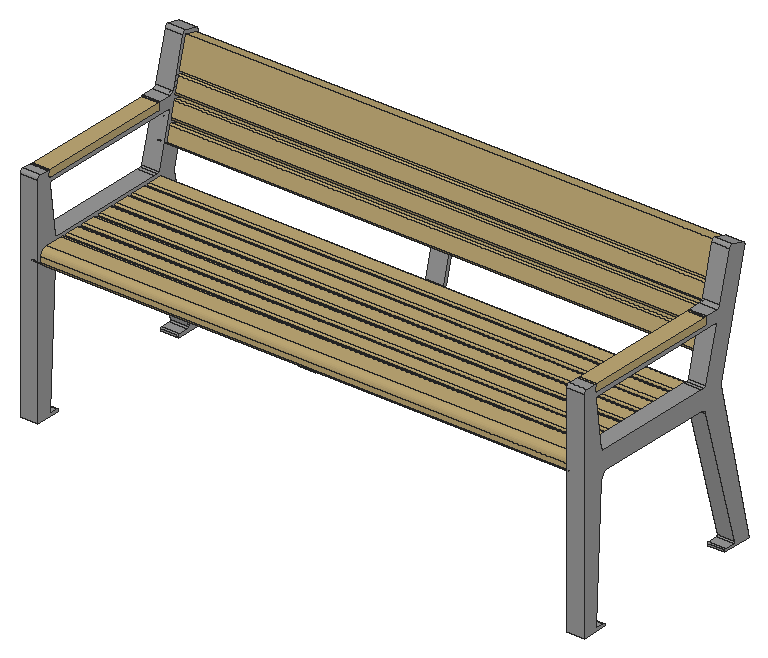
Revit family "L-FUR_벤치_DWB-210_데오스웍스", category 일반 모델, Revit 2021
Family settings
  보강 철근 호스트 가능 = 아니오
  원형 커넥터 치수 = 지름 사용
  부품 유형 = 보통
  작업 기준면 기반 = 아니오
  항상 수직 = 예
  로드될 때 보이드를 사용하여 절단 = 아니오
  공유 = 아니오
  룸 계산 점 = 아니오
Parameters
  한국산업규격KS = ""
  조달청표준공사코드-세부공종 = "24084152"
  기본 입면도 = 0 mm
  건설정보분류체계-부위분류 = "E943"
  LIM_INFO_주의사항 = "재배포, 재가공, 판매 금지"
  LIM_INFO_제품업체 = "예건"
  LIM_INFO_제품번호 = "YF-16"
  LIM_INFO_제품명 = "펜스_YF-16"
  LIM_INFO_제작일 = "20230315"
  LIM_INFO_재료 = "Hardwood, STL-pipe, STL-plate"
  LIM_INFO_업체정보 = ""
  LIM_INFO_업체URL = "https://yekun.com/"
  LIM_INFO_업체TEL = "(+82)31-943-6114"
  LIM_INFO_업체EMAIL = "yekun@yekun.com"
  LIM_INFO_버전 = "2023_V01"
  LIM_INFO_기타정보 = ""
  LIM_INFO_규격 = "W2000 x H1800"
  LIM_INFO_가격 = 0
  LIM_INFO_PV_포장재여부 = yes
  LIM_INFO_PV_면적 = 0.00 m²
  KBIMS_식별-버전 = ""
  KBIMS_식별-bSK등록번호 = ""
  KBIMS_보급정보-저작자 = "림인포테크_MMJ"
  KBIMS_보급정보-보급코드 = ""
Reference planes
  plane 1 "중심(앞/뒤)": y = 0
  plane 2: z = 0
  plane 3 "중심(왼쪽/오른쪽)": x = 0
Dimensions and locks
  aligned and locked: level to plane 2
Nested families
  nested 1: "DWB-210_base" at (0, 0, 0), type "DWB-210_base"
Definition of nested family "DWB-210_base"
  Parameters (values of type "DWB-210_base")
    Default Elevation = 0 mm
  Reference planes
    plane 1 "중심(앞/뒤)": y = 0
    plane 2: z = 0
    plane 3 "중심(왼쪽/오른쪽)": x = 0
  Forms (mm)
    Sweep 1, solid, not visible, detail levels fine
      path origin (0, 0, 0) x (1, 0, 0) y (0, 1, 0)
        loop
          circle (-1867.879, -167.062) r 568.25
      profile origin (-1867.879, 401.188, 0) x (0, -1, 0) y (0, 0, 1)
        loop
          circle (0, 0) r 28.75
        loop
          circle (0, 0) r 30.25
    Sweep 2, solid, not visible, detail levels coarse+medium
      path origin (0, 0, 0) x (1, 0, 0) y (0, 1, 0)
        loop
          circle (-1867.879, -167.062) r 568.25
      profile origin (-1867.879, 401.188, 0) x (0, -1, 0) y (0, 0, 1)
        loop
          line (26.465, -11.234) -> (26.657, 10.77) -> (11.234, 26.465) -> (-10.77, 26.657) -> (-26.465, 11.234) -> (-26.657, -10.77) -> (-11.234, -26.465) -> (10.77, -26.657) -> (26.465, -11.234)
        loop
          line (28.047, 11.332) -> (11.82, 27.845) -> (-11.332, 28.047) -> (-27.845, 11.82) -> (-28.047, -11.332) -> (-11.82, -27.845) -> (11.332, -28.047) -> (27.845, -11.82) -> (28.047, 11.332)
    Sweep 3, solid, not visible, detail levels fine
      path origin (0, 0, -1310.25) x (1, 0, 0) y (0, 1, 0)
        loop
          circle (-1867.879, -167.062) r 568.25
      profile origin (-1867.879, 401.188, -1310.25) x (0, -1, 0) y (0, 0, 1)
        loop
          circle (0, 1310.25) r 28.75
        loop
          circle (0, 1310.25) r 30.25
    Sweep 4, solid, not visible, detail levels coarse+medium
      path origin (0, 0, -1310.25) x (1, 0, 0) y (0, 1, 0)
        loop
          circle (-1867.879, -167.062) r 568.25
      profile origin (-1867.879, 401.188, -1310.25) x (0, -1, 0) y (0, 0, 1)
        loop
          line (26.465, 1299.016) -> (26.657, 1321.02) -> (11.234, 1336.715) -> (-10.77, 1336.907) -> (-26.465, 1321.484) -> (-26.657, 1299.48) -> (-11.234, 1283.785) -> (10.77, 1283.593) -> (26.465, 1299.016)
        loop
          line (28.047, 1321.582) -> (11.82, 1338.095) -> (-11.332, 1338.297) -> (-27.845, 1322.07) -> (-28.047, 1298.918) -> (-11.82, 1282.405) -> (11.332, 1282.203) -> (27.845, 1298.43) -> (28.047, 1321.582)
    Extrusion 5, solid, not visible
      sketch origin (0, 0, 0) x (1, 0, 0) y (0, 1, 0)
        loop
          line (-1678.243, -2480.024) -> (-1613.986, -2453.408)
          arc (-1613.986, -2453.408) -> (-1612.495, -2452.007) -> (-1612.304, -2449.969) r 2.893
          line (-1612.304, -2449.969) -> (-1622.315, -2413.562) -> (-1700.528, -2445.959) -> (-1681.864, -2478.781)
          arc (-1681.864, -2478.781) -> (-1680.288, -2480.087) -> (-1678.243, -2480.024) r 2.893
        loop
          line (-1517.968, -2394.568) -> (-1465.081, -2349.398)
          arc (-1465.081, -2349.398) -> (-1464.096, -2347.605) -> (-1464.544, -2345.608) r 2.893
          line (-1464.544, -2345.608) -> (-1485.315, -2314.077) -> (-1549.689, -2369.057) -> (-1521.796, -2394.505)
          arc (-1521.796, -2394.505) -> (-1519.893, -2395.26) -> (-1517.968, -2394.568) r 2.893
        loop
          line (-1391.945, -2263.766) -> (-1355.605, -2204.465)
          arc (-1355.605, -2204.465) -> (-1355.222, -2202.454) -> (-1356.265, -2200.694) r 2.893
          line (-1356.265, -2200.694) -> (-1385.763, -2177.125) -> (-1429.997, -2249.307) -> (-1395.605, -2264.89)
          arc (-1395.605, -2264.89) -> (-1393.562, -2265.02) -> (-1391.945, -2263.766) r 2.893
        loop
          line (-1312.509, -2100.424) -> (-1296.273, -2032.795)
          arc (-1296.273, -2032.795) -> (-1296.53, -2030.765) -> (-1298.067, -2029.413) r 2.893
          line (-1298.067, -2029.413) -> (-1333.404, -2016.112) -> (-1353.167, -2098.431) -> (-1315.643, -2102.623)
          arc (-1315.643, -2102.623) -> (-1313.66, -2102.116) -> (-1312.509, -2100.424) r 2.893
        loop
          line (-1287.437, -1920.529) -> (-1292.894, -1851.193)
          arc (-1292.894, -1851.193) -> (-1293.766, -1849.341) -> (-1295.645, -1848.53) r 2.893
          line (-1295.645, -1848.53) -> (-1333.364, -1846.801) -> (-1326.722, -1931.197) -> (-1289.738, -1923.589)
          arc (-1289.738, -1923.589) -> (-1288.009, -1922.494) -> (-1287.437, -1920.529) r 2.893
        loop
          line (-1319.183, -1741.691) -> (-1345.799, -1677.435)
          arc (-1345.799, -1677.435) -> (-1347.201, -1675.943) -> (-1349.238, -1675.753) r 2.893
          line (-1349.238, -1675.753) -> (-1385.645, -1685.763) -> (-1353.248, -1763.977) -> (-1320.426, -1745.312)
          arc (-1320.426, -1745.312) -> (-1319.12, -1743.736) -> (-1319.183, -1741.691) r 2.893
        loop
          line (-1404.64, -1581.416) -> (-1449.809, -1528.529)
          arc (-1449.809, -1528.529) -> (-1451.603, -1527.544) -> (-1453.6, -1527.992) r 2.893
          line (-1453.6, -1527.992) -> (-1485.131, -1548.764) -> (-1430.15, -1613.138) -> (-1404.702, -1585.244)
          arc (-1404.702, -1585.244) -> (-1403.947, -1583.342) -> (-1404.64, -1581.416) r 2.893
        loop
          line (-1535.441, -1455.393) -> (-1594.742, -1419.053)
          arc (-1594.742, -1419.053) -> (-1596.753, -1418.67) -> (-1598.513, -1419.714) r 2.893
          line (-1598.513, -1419.714) -> (-1622.083, -1449.212) -> (-1549.9, -1493.445) -> (-1534.317, -1459.053)
          arc (-1534.317, -1459.053) -> (-1534.187, -1457.01) -> (-1535.441, -1455.393) r 2.893
        loop
          line (-1698.784, -1375.958) -> (-1766.412, -1359.721)
          arc (-1766.412, -1359.721) -> (-1768.443, -1359.978) -> (-1769.795, -1361.515) r 2.893
          line (-1769.795, -1361.515) -> (-1783.095, -1396.853) -> (-1700.777, -1416.616) -> (-1696.584, -1379.091)
          arc (-1696.584, -1379.091) -> (-1697.091, -1377.108) -> (-1698.784, -1375.958) r 2.893
        loop
          line (-1878.679, -1350.886) -> (-1948.015, -1356.343)
          arc (-1948.015, -1356.343) -> (-1949.866, -1357.215) -> (-1950.677, -1359.094) r 2.893
          line (-1950.677, -1359.094) -> (-1952.406, -1396.812) -> (-1868.01, -1390.17) -> (-1875.618, -1353.187)
          arc (-1875.618, -1353.187) -> (-1876.713, -1351.457) -> (-1878.679, -1350.886) r 2.893
        loop
          line (-2057.516, -1382.632) -> (-2121.773, -1409.247)
          arc (-2121.773, -1409.247) -> (-2123.264, -1410.649) -> (-2123.455, -1412.687) r 2.893
          line (-2123.455, -1412.687) -> (-2113.444, -1449.093) -> (-2035.231, -1416.696) -> (-2053.895, -1383.874)
          arc (-2053.895, -1383.874) -> (-2055.471, -1382.568) -> (-2057.516, -1382.632) r 2.893
        loop
          line (-2217.791, -1468.088) -> (-2270.678, -1513.257)
          arc (-2270.678, -1513.257) -> (-2271.663, -1515.051) -> (-2271.215, -1517.048) r 2.893
          line (-2271.215, -1517.048) -> (-2250.444, -1548.579) -> (-2186.07, -1493.598) -> (-2213.963, -1468.15)
          arc (-2213.963, -1468.15) -> (-2215.865, -1467.395) -> (-2217.791, -1468.088) r 2.893
        loop
          line (-2343.814, -1598.889) -> (-2380.154, -1658.191)
          arc (-2380.154, -1658.191) -> (-2380.537, -1660.201) -> (-2379.494, -1661.962) r 2.893
          line (-2379.494, -1661.962) -> (-2349.996, -1685.531) -> (-2305.762, -1613.349) -> (-2340.154, -1597.766)
          arc (-2340.154, -1597.766) -> (-2342.197, -1597.635) -> (-2343.814, -1598.889) r 2.893
        loop
          line (-2437.692, -1833.243) -> (-2402.355, -1846.543) -> (-2382.592, -1764.225) -> (-2420.116, -1760.032)
          arc (-2420.116, -1760.032) -> (-2422.099, -1760.539) -> (-2423.25, -1762.232) r 2.893
          line (-2423.25, -1762.232) -> (-2439.486, -1829.861)
          arc (-2439.486, -1829.861) -> (-2439.229, -1831.891) -> (-2437.692, -1833.243) r 2.893
        loop
          line (-2440.113, -2014.125) -> (-2402.395, -2015.855) -> (-2409.037, -1931.458) -> (-2446.021, -1939.067)
          arc (-2446.021, -1939.067) -> (-2447.75, -1940.162) -> (-2448.322, -1942.127) r 2.893
          line (-2448.322, -1942.127) -> (-2442.865, -2011.463)
          arc (-2442.865, -2011.463) -> (-2441.993, -2013.314) -> (-2440.113, -2014.125) r 2.893
        loop
          line (-2386.521, -2186.903) -> (-2350.114, -2176.892) -> (-2382.511, -2098.679) -> (-2415.333, -2117.343)
          arc (-2415.333, -2117.343) -> (-2416.639, -2118.919) -> (-2416.576, -2120.965) r 2.893
          line (-2416.576, -2120.965) -> (-2389.96, -2185.221)
          arc (-2389.96, -2185.221) -> (-2388.558, -2186.712) -> (-2386.521, -2186.903) r 2.893
        loop
          line (-2282.159, -2334.663) -> (-2250.628, -2313.892) -> (-2305.609, -2249.518) -> (-2331.057, -2277.412)
          arc (-2331.057, -2277.412) -> (-2331.812, -2279.314) -> (-2331.119, -2281.24) r 2.893
          line (-2331.119, -2281.24) -> (-2285.95, -2334.126)
          arc (-2285.95, -2334.126) -> (-2284.156, -2335.112) -> (-2282.159, -2334.663) r 2.893
        loop
          line (-2137.246, -2442.942) -> (-2113.676, -2413.444) -> (-2185.859, -2369.21) -> (-2201.441, -2403.603)
          arc (-2201.441, -2403.603) -> (-2201.572, -2405.645) -> (-2200.318, -2407.263) r 2.893
          line (-2200.318, -2407.263) -> (-2141.017, -2443.603)
          arc (-2141.017, -2443.603) -> (-2139.006, -2443.986) -> (-2137.246, -2442.942) r 2.893
        loop
          line (-1965.964, -2501.141) -> (-1952.664, -2465.803) -> (-2034.982, -2446.04) -> (-2039.175, -2483.564)
          arc (-2039.175, -2483.564) -> (-2038.668, -2485.547) -> (-2036.975, -2486.698) r 2.893
          line (-2036.975, -2486.698) -> (-1969.347, -2502.934)
          arc (-1969.347, -2502.934) -> (-1967.316, -2502.677) -> (-1965.964, -2501.141) r 2.893
        loop
          line (-1785.082, -2503.562) -> (-1783.353, -2465.844) -> (-1867.749, -2472.486) -> (-1860.141, -2509.469)
          arc (-1860.141, -2509.469) -> (-1859.046, -2511.198) -> (-1857.08, -2511.77) r 2.893
          line (-1857.08, -2511.77) -> (-1787.744, -2506.313)
          arc (-1787.744, -2506.313) -> (-1785.893, -2505.441) -> (-1785.082, -2503.562) r 2.893
      from 0 to 680
    Extrusion 6, solid, not visible
      sketch origin (-326.184, 269.167, 0) x (0.987613, 0.156911, 0) y (-0.156911, 0.987613, 0)
        loop
          line (-1678.243, -2480.024) -> (-1613.986, -2453.408)
          arc (-1613.986, -2453.408) -> (-1612.495, -2452.007) -> (-1612.304, -2449.969) r 2.893
          line (-1612.304, -2449.969) -> (-1622.315, -2413.562) -> (-1700.528, -2445.959) -> (-1681.864, -2478.781)
          arc (-1681.864, -2478.781) -> (-1680.288, -2480.087) -> (-1678.243, -2480.024) r 2.893
        loop
          line (-1517.968, -2394.568) -> (-1465.081, -2349.398)
          arc (-1465.081, -2349.398) -> (-1464.096, -2347.605) -> (-1464.544, -2345.608) r 2.893
          line (-1464.544, -2345.608) -> (-1485.315, -2314.077) -> (-1549.689, -2369.057) -> (-1521.796, -2394.505)
          arc (-1521.796, -2394.505) -> (-1519.893, -2395.26) -> (-1517.968, -2394.568) r 2.893
        loop
          line (-1391.945, -2263.766) -> (-1355.605, -2204.465)
          arc (-1355.605, -2204.465) -> (-1355.222, -2202.454) -> (-1356.265, -2200.694) r 2.893
          line (-1356.265, -2200.694) -> (-1385.763, -2177.125) -> (-1429.997, -2249.307) -> (-1395.605, -2264.89)
          arc (-1395.605, -2264.89) -> (-1393.562, -2265.02) -> (-1391.945, -2263.766) r 2.893
        loop
          line (-1312.509, -2100.424) -> (-1296.273, -2032.795)
          arc (-1296.273, -2032.795) -> (-1296.53, -2030.765) -> (-1298.067, -2029.413) r 2.893
          line (-1298.067, -2029.413) -> (-1333.404, -2016.112) -> (-1353.167, -2098.431) -> (-1315.643, -2102.623)
          arc (-1315.643, -2102.623) -> (-1313.66, -2102.116) -> (-1312.509, -2100.424) r 2.893
        loop
          line (-1287.437, -1920.529) -> (-1292.894, -1851.193)
          arc (-1292.894, -1851.193) -> (-1293.766, -1849.341) -> (-1295.645, -1848.53) r 2.893
          line (-1295.645, -1848.53) -> (-1333.364, -1846.801) -> (-1326.722, -1931.197) -> (-1289.738, -1923.589)
          arc (-1289.738, -1923.589) -> (-1288.009, -1922.494) -> (-1287.437, -1920.529) r 2.893
        loop
          line (-1319.183, -1741.691) -> (-1345.799, -1677.435)
          arc (-1345.799, -1677.435) -> (-1347.201, -1675.943) -> (-1349.238, -1675.753) r 2.893
          line (-1349.238, -1675.753) -> (-1385.645, -1685.763) -> (-1353.248, -1763.977) -> (-1320.426, -1745.312)
          arc (-1320.426, -1745.312) -> (-1319.12, -1743.736) -> (-1319.183, -1741.691) r 2.893
        loop
          line (-1404.64, -1581.416) -> (-1449.809, -1528.529)
          arc (-1449.809, -1528.529) -> (-1451.603, -1527.544) -> (-1453.6, -1527.992) r 2.893
          line (-1453.6, -1527.992) -> (-1485.131, -1548.764) -> (-1430.15, -1613.138) -> (-1404.702, -1585.244)
          arc (-1404.702, -1585.244) -> (-1403.947, -1583.342) -> (-1404.64, -1581.416) r 2.893
        loop
          line (-1535.441, -1455.393) -> (-1594.742, -1419.053)
          arc (-1594.742, -1419.053) -> (-1596.753, -1418.67) -> (-1598.513, -1419.714) r 2.893
          line (-1598.513, -1419.714) -> (-1622.083, -1449.212) -> (-1549.9, -1493.445) -> (-1534.317, -1459.053)
          arc (-1534.317, -1459.053) -> (-1534.187, -1457.01) -> (-1535.441, -1455.393) r 2.893
        loop
          line (-1698.784, -1375.958) -> (-1766.412, -1359.721)
          arc (-1766.412, -1359.721) -> (-1768.443, -1359.978) -> (-1769.795, -1361.515) r 2.893
          line (-1769.795, -1361.515) -> (-1783.095, -1396.853) -> (-1700.777, -1416.616) -> (-1696.584, -1379.091)
          arc (-1696.584, -1379.091) -> (-1697.091, -1377.108) -> (-1698.784, -1375.958) r 2.893
        loop
          line (-1878.679, -1350.886) -> (-1948.015, -1356.343)
          arc (-1948.015, -1356.343) -> (-1949.866, -1357.215) -> (-1950.677, -1359.094) r 2.893
          line (-1950.677, -1359.094) -> (-1952.406, -1396.812) -> (-1868.01, -1390.17) -> (-1875.618, -1353.187)
          arc (-1875.618, -1353.187) -> (-1876.713, -1351.457) -> (-1878.679, -1350.886) r 2.893
        loop
          line (-2057.516, -1382.632) -> (-2121.773, -1409.247)
          arc (-2121.773, -1409.247) -> (-2123.264, -1410.649) -> (-2123.455, -1412.687) r 2.893
          line (-2123.455, -1412.687) -> (-2113.444, -1449.093) -> (-2035.231, -1416.696) -> (-2053.895, -1383.874)
          arc (-2053.895, -1383.874) -> (-2055.471, -1382.568) -> (-2057.516, -1382.632) r 2.893
        loop
          line (-2217.791, -1468.088) -> (-2270.678, -1513.257)
          arc (-2270.678, -1513.257) -> (-2271.663, -1515.051) -> (-2271.215, -1517.048) r 2.893
          line (-2271.215, -1517.048) -> (-2250.444, -1548.579) -> (-2186.07, -1493.598) -> (-2213.963, -1468.15)
          arc (-2213.963, -1468.15) -> (-2215.865, -1467.395) -> (-2217.791, -1468.088) r 2.893
        loop
          line (-2343.814, -1598.889) -> (-2380.154, -1658.191)
          arc (-2380.154, -1658.191) -> (-2380.537, -1660.201) -> (-2379.494, -1661.962) r 2.893
          line (-2379.494, -1661.962) -> (-2349.996, -1685.531) -> (-2305.762, -1613.349) -> (-2340.154, -1597.766)
          arc (-2340.154, -1597.766) -> (-2342.197, -1597.635) -> (-2343.814, -1598.889) r 2.893
        loop
          line (-2437.692, -1833.243) -> (-2402.355, -1846.543) -> (-2382.592, -1764.225) -> (-2420.116, -1760.032)
          arc (-2420.116, -1760.032) -> (-2422.099, -1760.539) -> (-2423.25, -1762.232) r 2.893
          line (-2423.25, -1762.232) -> (-2439.486, -1829.861)
          arc (-2439.486, -1829.861) -> (-2439.229, -1831.891) -> (-2437.692, -1833.243) r 2.893
        loop
          line (-2440.113, -2014.125) -> (-2402.395, -2015.855) -> (-2409.037, -1931.458) -> (-2446.021, -1939.067)
          arc (-2446.021, -1939.067) -> (-2447.75, -1940.162) -> (-2448.322, -1942.127) r 2.893
          line (-2448.322, -1942.127) -> (-2442.865, -2011.463)
          arc (-2442.865, -2011.463) -> (-2441.993, -2013.314) -> (-2440.113, -2014.125) r 2.893
        loop
          line (-2386.521, -2186.903) -> (-2350.114, -2176.892) -> (-2382.511, -2098.679) -> (-2415.333, -2117.343)
          arc (-2415.333, -2117.343) -> (-2416.639, -2118.919) -> (-2416.576, -2120.965) r 2.893
          line (-2416.576, -2120.965) -> (-2389.96, -2185.221)
          arc (-2389.96, -2185.221) -> (-2388.558, -2186.712) -> (-2386.521, -2186.903) r 2.893
        loop
          line (-2282.159, -2334.663) -> (-2250.628, -2313.892) -> (-2305.609, -2249.518) -> (-2331.057, -2277.412)
          arc (-2331.057, -2277.412) -> (-2331.812, -2279.314) -> (-2331.119, -2281.24) r 2.893
          line (-2331.119, -2281.24) -> (-2285.95, -2334.126)
          arc (-2285.95, -2334.126) -> (-2284.156, -2335.112) -> (-2282.159, -2334.663) r 2.893
        loop
          line (-2137.246, -2442.942) -> (-2113.676, -2413.444) -> (-2185.859, -2369.21) -> (-2201.441, -2403.603)
          arc (-2201.441, -2403.603) -> (-2201.572, -2405.645) -> (-2200.318, -2407.263) r 2.893
          line (-2200.318, -2407.263) -> (-2141.017, -2443.603)
          arc (-2141.017, -2443.603) -> (-2139.006, -2443.986) -> (-2137.246, -2442.942) r 2.893
        loop
          line (-1965.964, -2501.141) -> (-1952.664, -2465.803) -> (-2034.982, -2446.04) -> (-2039.175, -2483.564)
          arc (-2039.175, -2483.564) -> (-2038.668, -2485.547) -> (-2036.975, -2486.698) r 2.893
          line (-2036.975, -2486.698) -> (-1969.347, -2502.934)
          arc (-1969.347, -2502.934) -> (-1967.316, -2502.677) -> (-1965.964, -2501.141) r 2.893
        loop
          line (-1785.082, -2503.562) -> (-1783.353, -2465.844) -> (-1867.749, -2472.486) -> (-1860.141, -2509.469)
          arc (-1860.141, -2509.469) -> (-1859.046, -2511.198) -> (-1857.08, -2511.77) r 2.893
          line (-1857.08, -2511.77) -> (-1787.744, -2506.313)
          arc (-1787.744, -2506.313) -> (-1785.893, -2505.441) -> (-1785.082, -2503.562) r 2.893
      from 0 to 680
    Extrusion 7, solid, not visible
      sketch origin (0, 0, 0) x (1, 0, 0) y (0, 1, 0)
        loop
          circle (-1867.879, -1931.328) r 537.5
        loop
          circle (-1867.879, -1931.328) r 539.5
      from 0 to 794.31
    Sweep 8, solid, not visible, detail levels fine
      path origin (0, -1764.266, -542.405) x (1, 0, 0) y (0, 1, 0)
        loop
          circle (-1867.879, -167.062) r 568.25
      profile origin (-1867.879, -1363.078, -542.405) x (0, -1, 0) y (0, 0, 1)
        loop
          circle (0, 1310.25) r 28.75
        loop
          circle (0, 1310.25) r 30.25
    Sweep 9, solid, not visible, detail levels coarse+medium
      path origin (0, -1764.266, -542.405) x (1, 0, 0) y (0, 1, 0)
        loop
          circle (-1867.879, -167.062) r 568.25
      profile origin (-1867.879, -1363.078, -542.405) x (0, -1, 0) y (0, 0, 1)
        loop
          line (26.465, 1299.016) -> (26.657, 1321.02) -> (11.234, 1336.715) -> (-10.77, 1336.907) -> (-26.465, 1321.484) -> (-26.657, 1299.48) -> (-11.234, 1283.785) -> (10.77, 1283.593) -> (26.465, 1299.016)
        loop
          line (28.047, 1321.582) -> (11.82, 1338.095) -> (-11.332, 1338.297) -> (-27.845, 1322.07) -> (-28.047, 1298.918) -> (-11.82, 1282.405) -> (11.332, 1282.203) -> (27.845, 1298.43) -> (28.047, 1321.582)
    Sweep 10, solid, not visible, detail levels fine
      path origin (0, -1764.266, -1278.297) x (1, 0, 0) y (0, 1, 0)
        loop
          circle (-1867.879, -167.062) r 568.25
      profile origin (-1867.879, -1363.078, -1278.297) x (0, -1, 0) y (0, 0, 1)
        loop
          circle (0, 1310.25) r 28.75
        loop
          circle (0, 1310.25) r 30.25
    Sweep 11, solid, not visible, detail levels coarse+medium
      path origin (0, -1764.266, -1278.297) x (1, 0, 0) y (0, 1, 0)
        loop
          circle (-1867.879, -167.062) r 568.25
      profile origin (-1867.879, -1363.078, -1278.297) x (0, -1, 0) y (0, 0, 1)
        loop
          line (26.465, 1299.016) -> (26.657, 1321.02) -> (11.234, 1336.715) -> (-10.77, 1336.907) -> (-26.465, 1321.484) -> (-26.657, 1299.48) -> (-11.234, 1283.785) -> (10.77, 1283.593) -> (26.465, 1299.016)
        loop
          line (28.047, 1321.582) -> (11.82, 1338.095) -> (-11.332, 1338.297) -> (-27.845, 1322.07) -> (-28.047, 1298.918) -> (-11.82, 1282.405) -> (11.332, 1282.203) -> (27.845, 1298.43) -> (28.047, 1321.582)
    Extrusion 12, solid, not visible
      sketch origin (0, 0, 60) x (1, 0, 0) y (0, 1, 0)
        loop
          line (-1678.243, -2480.024) -> (-1613.986, -2453.408)
          arc (-1613.986, -2453.408) -> (-1612.495, -2452.007) -> (-1612.304, -2449.969) r 2.893
          line (-1612.304, -2449.969) -> (-1622.315, -2413.562) -> (-1700.528, -2445.959) -> (-1681.864, -2478.781)
          arc (-1681.864, -2478.781) -> (-1680.288, -2480.087) -> (-1678.243, -2480.024) r 2.893
        loop
          line (-1517.968, -2394.568) -> (-1465.081, -2349.398)
          arc (-1465.081, -2349.398) -> (-1464.096, -2347.605) -> (-1464.544, -2345.608) r 2.893
          line (-1464.544, -2345.608) -> (-1485.315, -2314.077) -> (-1549.689, -2369.057) -> (-1521.796, -2394.505)
          arc (-1521.796, -2394.505) -> (-1519.893, -2395.26) -> (-1517.968, -2394.568) r 2.893
        loop
          line (-1391.945, -2263.766) -> (-1355.605, -2204.465)
          arc (-1355.605, -2204.465) -> (-1355.222, -2202.454) -> (-1356.265, -2200.694) r 2.893
          line (-1356.265, -2200.694) -> (-1385.763, -2177.125) -> (-1429.997, -2249.307) -> (-1395.605, -2264.89)
          arc (-1395.605, -2264.89) -> (-1393.562, -2265.02) -> (-1391.945, -2263.766) r 2.893
        loop
          line (-1312.509, -2100.424) -> (-1296.273, -2032.795)
          arc (-1296.273, -2032.795) -> (-1296.53, -2030.765) -> (-1298.067, -2029.413) r 2.893
          line (-1298.067, -2029.413) -> (-1333.404, -2016.112) -> (-1353.167, -2098.431) -> (-1315.643, -2102.623)
          arc (-1315.643, -2102.623) -> (-1313.66, -2102.116) -> (-1312.509, -2100.424) r 2.893
        loop
          line (-1287.437, -1920.529) -> (-1292.894, -1851.193)
          arc (-1292.894, -1851.193) -> (-1293.766, -1849.341) -> (-1295.645, -1848.53) r 2.893
          line (-1295.645, -1848.53) -> (-1333.364, -1846.801) -> (-1326.722, -1931.197) -> (-1289.738, -1923.589)
          arc (-1289.738, -1923.589) -> (-1288.009, -1922.494) -> (-1287.437, -1920.529) r 2.893
        loop
          line (-1319.183, -1741.691) -> (-1345.799, -1677.435)
          arc (-1345.799, -1677.435) -> (-1347.201, -1675.943) -> (-1349.238, -1675.753) r 2.893
          line (-1349.238, -1675.753) -> (-1385.645, -1685.763) -> (-1353.248, -1763.977) -> (-1320.426, -1745.312)
          arc (-1320.426, -1745.312) -> (-1319.12, -1743.736) -> (-1319.183, -1741.691) r 2.893
        loop
          line (-1404.64, -1581.416) -> (-1449.809, -1528.529)
          arc (-1449.809, -1528.529) -> (-1451.603, -1527.544) -> (-1453.6, -1527.992) r 2.893
          line (-1453.6, -1527.992) -> (-1485.131, -1548.764) -> (-1430.15, -1613.138) -> (-1404.702, -1585.244)
          arc (-1404.702, -1585.244) -> (-1403.947, -1583.342) -> (-1404.64, -1581.416) r 2.893
        loop
          line (-1535.441, -1455.393) -> (-1594.742, -1419.053)
          arc (-1594.742, -1419.053) -> (-1596.753, -1418.67) -> (-1598.513, -1419.714) r 2.893
          line (-1598.513, -1419.714) -> (-1622.083, -1449.212) -> (-1549.9, -1493.445) -> (-1534.317, -1459.053)
          arc (-1534.317, -1459.053) -> (-1534.187, -1457.01) -> (-1535.441, -1455.393) r 2.893
        loop
          line (-1698.784, -1375.958) -> (-1766.412, -1359.721)
          arc (-1766.412, -1359.721) -> (-1768.443, -1359.978) -> (-1769.795, -1361.515) r 2.893
          line (-1769.795, -1361.515) -> (-1783.095, -1396.853) -> (-1700.777, -1416.616) -> (-1696.584, -1379.091)
          arc (-1696.584, -1379.091) -> (-1697.091, -1377.108) -> (-1698.784, -1375.958) r 2.893
        loop
          line (-1878.679, -1350.886) -> (-1948.015, -1356.343)
          arc (-1948.015, -1356.343) -> (-1949.866, -1357.215) -> (-1950.677, -1359.094) r 2.893
          line (-1950.677, -1359.094) -> (-1952.406, -1396.812) -> (-1868.01, -1390.17) -> (-1875.618, -1353.187)
          arc (-1875.618, -1353.187) -> (-1876.713, -1351.457) -> (-1878.679, -1350.886) r 2.893
        loop
          line (-2057.516, -1382.632) -> (-2121.773, -1409.247)
          arc (-2121.773, -1409.247) -> (-2123.264, -1410.649) -> (-2123.455, -1412.687) r 2.893
          line (-2123.455, -1412.687) -> (-2113.444, -1449.093) -> (-2035.231, -1416.696) -> (-2053.895, -1383.874)
          arc (-2053.895, -1383.874) -> (-2055.471, -1382.568) -> (-2057.516, -1382.632) r 2.893
        loop
          line (-2217.791, -1468.088) -> (-2270.678, -1513.257)
          arc (-2270.678, -1513.257) -> (-2271.663, -1515.051) -> (-2271.215, -1517.048) r 2.893
          line (-2271.215, -1517.048) -> (-2250.444, -1548.579) -> (-2186.07, -1493.598) -> (-2213.963, -1468.15)
          arc (-2213.963, -1468.15) -> (-2215.865, -1467.395) -> (-2217.791, -1468.088) r 2.893
        loop
          line (-2343.814, -1598.889) -> (-2380.154, -1658.191)
          arc (-2380.154, -1658.191) -> (-2380.537, -1660.201) -> (-2379.494, -1661.962) r 2.893
          line (-2379.494, -1661.962) -> (-2349.996, -1685.531) -> (-2305.762, -1613.349) -> (-2340.154, -1597.766)
          arc (-2340.154, -1597.766) -> (-2342.197, -1597.635) -> (-2343.814, -1598.889) r 2.893
        loop
          line (-2437.692, -1833.243) -> (-2402.355, -1846.543) -> (-2382.592, -1764.225) -> (-2420.116, -1760.032)
          arc (-2420.116, -1760.032) -> (-2422.099, -1760.539) -> (-2423.25, -1762.232) r 2.893
          line (-2423.25, -1762.232) -> (-2439.486, -1829.861)
          arc (-2439.486, -1829.861) -> (-2439.229, -1831.891) -> (-2437.692, -1833.243) r 2.893
        loop
          line (-2440.113, -2014.125) -> (-2402.395, -2015.855) -> (-2409.037, -1931.458) -> (-2446.021, -1939.067)
          arc (-2446.021, -1939.067) -> (-2447.75, -1940.162) -> (-2448.322, -1942.127) r 2.893
          line (-2448.322, -1942.127) -> (-2442.865, -2011.463)
          arc (-2442.865, -2011.463) -> (-2441.993, -2013.314) -> (-2440.113, -2014.125) r 2.893
        loop
          line (-2386.521, -2186.903) -> (-2350.114, -2176.892) -> (-2382.511, -2098.679) -> (-2415.333, -2117.343)
          arc (-2415.333, -2117.343) -> (-2416.639, -2118.919) -> (-2416.576, -2120.965) r 2.893
          line (-2416.576, -2120.965) -> (-2389.96, -2185.221)
          arc (-2389.96, -2185.221) -> (-2388.558, -2186.712) -> (-2386.521, -2186.903) r 2.893
        loop
          line (-2282.159, -2334.663) -> (-2250.628, -2313.892) -> (-2305.609, -2249.518) -> (-2331.057, -2277.412)
          arc (-2331.057, -2277.412) -> (-2331.812, -2279.314) -> (-2331.119, -2281.24) r 2.893
          line (-2331.119, -2281.24) -> (-2285.95, -2334.126)
          arc (-2285.95, -2334.126) -> (-2284.156, -2335.112) -> (-2282.159, -2334.663) r 2.893
        loop
          line (-2137.246, -2442.942) -> (-2113.676, -2413.444) -> (-2185.859, -2369.21) -> (-2201.441, -2403.603)
          arc (-2201.441, -2403.603) -> (-2201.572, -2405.645) -> (-2200.318, -2407.263) r 2.893
          line (-2200.318, -2407.263) -> (-2141.017, -2443.603)
          arc (-2141.017, -2443.603) -> (-2139.006, -2443.986) -> (-2137.246, -2442.942) r 2.893
        loop
          line (-1965.964, -2501.141) -> (-1952.664, -2465.803) -> (-2034.982, -2446.04) -> (-2039.175, -2483.564)
          arc (-2039.175, -2483.564) -> (-2038.668, -2485.547) -> (-2036.975, -2486.698) r 2.893
          line (-2036.975, -2486.698) -> (-1969.347, -2502.934)
          arc (-1969.347, -2502.934) -> (-1967.316, -2502.677) -> (-1965.964, -2501.141) r 2.893
        loop
          line (-1785.082, -2503.562) -> (-1783.353, -2465.844) -> (-1867.749, -2472.486) -> (-1860.141, -2509.469)
          arc (-1860.141, -2509.469) -> (-1859.046, -2511.198) -> (-1857.08, -2511.77) r 2.893
          line (-1857.08, -2511.77) -> (-1787.744, -2506.313)
          arc (-1787.744, -2506.313) -> (-1785.893, -2505.441) -> (-1785.082, -2503.562) r 2.893
      from 0 to 680
    Extrusion 13, solid, not visible
      sketch origin (-326.184, 269.167, 60) x (0.987613, 0.156911, 0) y (-0.156911, 0.987613, 0)
        loop
          line (-1678.243, -2480.024) -> (-1613.986, -2453.408)
          arc (-1613.986, -2453.408) -> (-1612.495, -2452.007) -> (-1612.304, -2449.969) r 2.893
          line (-1612.304, -2449.969) -> (-1622.315, -2413.562) -> (-1700.528, -2445.959) -> (-1681.864, -2478.781)
          arc (-1681.864, -2478.781) -> (-1680.288, -2480.087) -> (-1678.243, -2480.024) r 2.893
        loop
          line (-1517.968, -2394.568) -> (-1465.081, -2349.398)
          arc (-1465.081, -2349.398) -> (-1464.096, -2347.605) -> (-1464.544, -2345.608) r 2.893
          line (-1464.544, -2345.608) -> (-1485.315, -2314.077) -> (-1549.689, -2369.057) -> (-1521.796, -2394.505)
          arc (-1521.796, -2394.505) -> (-1519.893, -2395.26) -> (-1517.968, -2394.568) r 2.893
        loop
          line (-1391.945, -2263.766) -> (-1355.605, -2204.465)
          arc (-1355.605, -2204.465) -> (-1355.222, -2202.454) -> (-1356.265, -2200.694) r 2.893
          line (-1356.265, -2200.694) -> (-1385.763, -2177.125) -> (-1429.997, -2249.307) -> (-1395.605, -2264.89)
          arc (-1395.605, -2264.89) -> (-1393.562, -2265.02) -> (-1391.945, -2263.766) r 2.893
        loop
          line (-1312.509, -2100.424) -> (-1296.273, -2032.795)
          arc (-1296.273, -2032.795) -> (-1296.53, -2030.765) -> (-1298.067, -2029.413) r 2.893
          line (-1298.067, -2029.413) -> (-1333.404, -2016.112) -> (-1353.167, -2098.431) -> (-1315.643, -2102.623)
          arc (-1315.643, -2102.623) -> (-1313.66, -2102.116) -> (-1312.509, -2100.424) r 2.893
        loop
          line (-1287.437, -1920.529) -> (-1292.894, -1851.193)
          arc (-1292.894, -1851.193) -> (-1293.766, -1849.341) -> (-1295.645, -1848.53) r 2.893
          line (-1295.645, -1848.53) -> (-1333.364, -1846.801) -> (-1326.722, -1931.197) -> (-1289.738, -1923.589)
          arc (-1289.738, -1923.589) -> (-1288.009, -1922.494) -> (-1287.437, -1920.529) r 2.893
        loop
          line (-1319.183, -1741.691) -> (-1345.799, -1677.435)
          arc (-1345.799, -1677.435) -> (-1347.201, -1675.943) -> (-1349.238, -1675.753) r 2.893
          line (-1349.238, -1675.753) -> (-1385.645, -1685.763) -> (-1353.248, -1763.977) -> (-1320.426, -1745.312)
          arc (-1320.426, -1745.312) -> (-1319.12, -1743.736) -> (-1319.183, -1741.691) r 2.893
        loop
          line (-1404.64, -1581.416) -> (-1449.809, -1528.529)
          arc (-1449.809, -1528.529) -> (-1451.603, -1527.544) -> (-1453.6, -1527.992) r 2.893
          line (-1453.6, -1527.992) -> (-1485.131, -1548.764) -> (-1430.15, -1613.138) -> (-1404.702, -1585.244)
          arc (-1404.702, -1585.244) -> (-1403.947, -1583.342) -> (-1404.64, -1581.416) r 2.893
        loop
          line (-1535.441, -1455.393) -> (-1594.742, -1419.053)
          arc (-1594.742, -1419.053) -> (-1596.753, -1418.67) -> (-1598.513, -1419.714) r 2.893
          line (-1598.513, -1419.714) -> (-1622.083, -1449.212) -> (-1549.9, -1493.445) -> (-1534.317, -1459.053)
          arc (-1534.317, -1459.053) -> (-1534.187, -1457.01) -> (-1535.441, -1455.393) r 2.893
        loop
          line (-1698.784, -1375.958) -> (-1766.412, -1359.721)
          arc (-1766.412, -1359.721) -> (-1768.443, -1359.978) -> (-1769.795, -1361.515) r 2.893
          line (-1769.795, -1361.515) -> (-1783.095, -1396.853) -> (-1700.777, -1416.616) -> (-1696.584, -1379.091)
          arc (-1696.584, -1379.091) -> (-1697.091, -1377.108) -> (-1698.784, -1375.958) r 2.893
        loop
          line (-1878.679, -1350.886) -> (-1948.015, -1356.343)
          arc (-1948.015, -1356.343) -> (-1949.866, -1357.215) -> (-1950.677, -1359.094) r 2.893
          line (-1950.677, -1359.094) -> (-1952.406, -1396.812) -> (-1868.01, -1390.17) -> (-1875.618, -1353.187)
          arc (-1875.618, -1353.187) -> (-1876.713, -1351.457) -> (-1878.679, -1350.886) r 2.893
        loop
          line (-2057.516, -1382.632) -> (-2121.773, -1409.247)
          arc (-2121.773, -1409.247) -> (-2123.264, -1410.649) -> (-2123.455, -1412.687) r 2.893
          line (-2123.455, -1412.687) -> (-2113.444, -1449.093) -> (-2035.231, -1416.696) -> (-2053.895, -1383.874)
          arc (-2053.895, -1383.874) -> (-2055.471, -1382.568) -> (-2057.516, -1382.632) r 2.893
        loop
          line (-2217.791, -1468.088) -> (-2270.678, -1513.257)
          arc (-2270.678, -1513.257) -> (-2271.663, -1515.051) -> (-2271.215, -1517.048) r 2.893
          line (-2271.215, -1517.048) -> (-2250.444, -1548.579) -> (-2186.07, -1493.598) -> (-2213.963, -1468.15)
          arc (-2213.963, -1468.15) -> (-2215.865, -1467.395) -> (-2217.791, -1468.088) r 2.893
        loop
          line (-2343.814, -1598.889) -> (-2380.154, -1658.191)
          arc (-2380.154, -1658.191) -> (-2380.537, -1660.201) -> (-2379.494, -1661.962) r 2.893
          line (-2379.494, -1661.962) -> (-2349.996, -1685.531) -> (-2305.762, -1613.349) -> (-2340.154, -1597.766)
          arc (-2340.154, -1597.766) -> (-2342.197, -1597.635) -> (-2343.814, -1598.889) r 2.893
        loop
          line (-2437.692, -1833.243) -> (-2402.355, -1846.543) -> (-2382.592, -1764.225) -> (-2420.116, -1760.032)
          arc (-2420.116, -1760.032) -> (-2422.099, -1760.539) -> (-2423.25, -1762.232) r 2.893
          line (-2423.25, -1762.232) -> (-2439.486, -1829.861)
          arc (-2439.486, -1829.861) -> (-2439.229, -1831.891) -> (-2437.692, -1833.243) r 2.893
        loop
          line (-2440.113, -2014.125) -> (-2402.395, -2015.855) -> (-2409.037, -1931.458) -> (-2446.021, -1939.067)
          arc (-2446.021, -1939.067) -> (-2447.75, -1940.162) -> (-2448.322, -1942.127) r 2.893
          line (-2448.322, -1942.127) -> (-2442.865, -2011.463)
          arc (-2442.865, -2011.463) -> (-2441.993, -2013.314) -> (-2440.113, -2014.125) r 2.893
        loop
          line (-2386.521, -2186.903) -> (-2350.114, -2176.892) -> (-2382.511, -2098.679) -> (-2415.333, -2117.343)
          arc (-2415.333, -2117.343) -> (-2416.639, -2118.919) -> (-2416.576, -2120.965) r 2.893
          line (-2416.576, -2120.965) -> (-2389.96, -2185.221)
          arc (-2389.96, -2185.221) -> (-2388.558, -2186.712) -> (-2386.521, -2186.903) r 2.893
        loop
          line (-2282.159, -2334.663) -> (-2250.628, -2313.892) -> (-2305.609, -2249.518) -> (-2331.057, -2277.412)
          arc (-2331.057, -2277.412) -> (-2331.812, -2279.314) -> (-2331.119, -2281.24) r 2.893
          line (-2331.119, -2281.24) -> (-2285.95, -2334.126)
          arc (-2285.95, -2334.126) -> (-2284.156, -2335.112) -> (-2282.159, -2334.663) r 2.893
        loop
          line (-2137.246, -2442.942) -> (-2113.676, -2413.444) -> (-2185.859, -2369.21) -> (-2201.441, -2403.603)
          arc (-2201.441, -2403.603) -> (-2201.572, -2405.645) -> (-2200.318, -2407.263) r 2.893
          line (-2200.318, -2407.263) -> (-2141.017, -2443.603)
          arc (-2141.017, -2443.603) -> (-2139.006, -2443.986) -> (-2137.246, -2442.942) r 2.893
        loop
          line (-1965.964, -2501.141) -> (-1952.664, -2465.803) -> (-2034.982, -2446.04) -> (-2039.175, -2483.564)
          arc (-2039.175, -2483.564) -> (-2038.668, -2485.547) -> (-2036.975, -2486.698) r 2.893
          line (-2036.975, -2486.698) -> (-1969.347, -2502.934)
          arc (-1969.347, -2502.934) -> (-1967.316, -2502.677) -> (-1965.964, -2501.141) r 2.893
        loop
          line (-1785.082, -2503.562) -> (-1783.353, -2465.844) -> (-1867.749, -2472.486) -> (-1860.141, -2509.469)
          arc (-1860.141, -2509.469) -> (-1859.046, -2511.198) -> (-1857.08, -2511.77) r 2.893
          line (-1857.08, -2511.77) -> (-1787.744, -2506.313)
          arc (-1787.744, -2506.313) -> (-1785.893, -2505.441) -> (-1785.082, -2503.562) r 2.893
      from 0 to 680
    Extrusion 14, solid, not visible
      sketch origin (0, -1764.266, 4.107) x (1, 0, 0) y (0, 1, 0)
        loop
          arc (-2404.542, -137.062) -> (-2405.379, -167.062) -> (-2404.542, -197.062) r 537.5
          line (-2404.542, -197.062) -> (-1331.217, -197.062)
          arc (-1331.217, -197.062) -> (-1330.379, -167.062) -> (-1331.217, -137.062) r 537.5
          line (-1331.217, -137.062) -> (-2404.542, -137.062)
      from 0 to 40
    Extrusion 15, solid, not visible
      sketch origin (-2034.942, -63.448, 4.107) x (0, 1, 0) y (-1, 0, 0)
        loop
          arc (-2404.542, -137.062) -> (-2405.379, -167.062) -> (-2404.542, -197.062) r 537.5
          line (-2404.542, -197.062) -> (-1331.217, -197.062)
          arc (-1331.217, -197.062) -> (-1330.379, -167.062) -> (-1331.217, -137.062) r 537.5
          line (-1331.217, -137.062) -> (-2404.542, -137.062)
      from 0 to 40
    Extrusion 16, solid, not visible
      sketch origin (0, -1764.266, 44.107) x (1, 0, 0) y (0, 1, 0)
        loop
          circle (-1867.879, -167.062) r 537.5
        loop
          circle (-2080.012, -379.194) r 10
        loop
          circle (-1655.747, -379.194) r 10
        loop
          circle (-1655.747, 45.07) r 10
        loop
          circle (-2080.012, 45.07) r 10
      from 0 to 1.2
    Extrusion 17, solid, not visible
      sketch origin (0, 142.026, 0) x (1, 0, 0) y (0, 0, 1)
        loop
          line (250.196, 700) -> (250.196, 50) -> (310.196, 50) -> (310.196, 700) -> (250.196, 700)
      from 0 to 20
    Revolve 18, solid, not visible, detail levels coarse+medium
      sketch origin (0, 0, 0) x (1, 0, 0) y (0, 0, 1)
        loop
          line (2550.799, 933.793) -> (2552.49, 933.793) -> (2552.49, 934.794) -> (2550.649, 934.794)
          arc (2550.649, 934.794) -> (2545.113, 933.3) -> (2541.082, 929.223) r 11
          line (2541.082, 929.223) -> (2530.908, 911.294) -> (2530.34, 910.294) -> (2531.49, 910.294) -> (2541.952, 928.73)
          arc (2541.952, 928.73) -> (2545.617, 932.436) -> (2550.649, 933.794) r 10
        axis (2567.64, 934.794) -> (2567.64, 910.294)
      angle from 0 to 360
    Revolve 19, solid, not visible, detail levels coarse+medium
      sketch origin (0, 0, 0) x (1, 0, 0) y (0, 0, 1)
        loop
          line (2552.79, 910.294) -> (2552.79, 933.794) -> (2550.949, 933.794)
          arc (2550.949, 933.794) -> (2545.917, 932.436) -> (2542.252, 928.73) r 10
          line (2542.252, 928.73) -> (2531.79, 910.294) -> (2533.63, 910.294) -> (2543.643, 927.94)
          arc (2543.643, 927.94) -> (2546.722, 931.053) -> (2550.949, 932.194) r 8.4
          line (2550.949, 932.194) -> (2550.949, 910.294) -> (2552.79, 910.294)
        axis (2567.64, 933.794) -> (2567.64, 910.294)
      angle from 0 to 360
    Sweep 20, solid, not visible, detail levels coarse+medium
      path origin (12.126, 0, 0) x (0, 1, 0) y (0, 0, 1)
        loop
          line (2755.111, 246.603) -> (2647.361, 246.603)
          arc (2647.361, 246.603) -> (2576.297, 276.039) -> (2546.861, 347.103) r 100.5
          line (2546.861, 347.103) -> (2546.861, 572.103)
          arc (2546.861, 572.103) -> (2576.297, 643.167) -> (2647.361, 672.603) r 100.5
          line (2647.361, 672.603) -> (2755.111, 672.603)
      profile origin (12.126, 2701.236, 246.603) x (0, 0, -1) y (1, 0, 0)
        loop
          line (2.459, -9.176) -> (8.227, -4.75) -> (9.176, 2.459) -> (4.75, 8.227) -> (-2.459, 9.176) -> (-8.227, 4.75) -> (-9.176, -2.459) -> (-4.75, -8.227) -> (2.459, -9.176)
    Sweep 21, solid, not visible, detail levels coarse+medium
      path origin (102.126, 0, 0) x (0, 1, 0) y (0, 0, 1)
        loop
          line (2755.111, 246.603) -> (2647.361, 246.603)
          arc (2647.361, 246.603) -> (2576.297, 276.039) -> (2546.861, 347.103) r 100.5
          line (2546.861, 347.103) -> (2546.861, 572.103)
          arc (2546.861, 572.103) -> (2576.297, 643.167) -> (2647.361, 672.603) r 100.5
          line (2647.361, 672.603) -> (2755.111, 672.603)
      profile origin (102.126, 2701.236, 246.603) x (0, 0, -1) y (1, 0, 0)
        loop
          line (2.459, -9.176) -> (8.227, -4.75) -> (9.176, 2.459) -> (4.75, 8.227) -> (-2.459, 9.176) -> (-8.227, 4.75) -> (-9.176, -2.459) -> (-4.75, -8.227) -> (2.459, -9.176)
    Extrusion 22, solid, detail levels fine
      sketch origin (75, -5413.536, 1966.304) x (0, 1, 0) y (0, 0, 1)
        loop
          arc (5440.536, -1524.304) -> (5426.394, -1530.162) -> (5420.536, -1544.304) r 20
          line (5420.536, -1544.304) -> (5420.536, -1559.304)
          arc (5420.536, -1559.304) -> (5422, -1562.84) -> (5425.536, -1564.304) r 5
          line (5425.536, -1564.304) -> (5495.536, -1564.304)
          arc (5495.536, -1564.304) -> (5499.072, -1562.84) -> (5500.536, -1559.304) r 5
          line (5500.536, -1559.304) -> (5500.536, -1529.304)
          arc (5500.536, -1529.304) -> (5499.072, -1525.769) -> (5495.536, -1524.304) r 5
          line (5495.536, -1524.304) -> (5440.536, -1524.304)
        loop
          line (5532.036, -1564.304) -> (5535.036, -1564.304) -> (5553.536, -1564.304)
          arc (5553.536, -1564.304) -> (5557.072, -1562.84) -> (5558.536, -1559.304) r 5
          line (5558.536, -1559.304) -> (5558.536, -1529.304)
          arc (5558.536, -1529.304) -> (5557.072, -1525.769) -> (5553.536, -1524.304) r 5
          line (5553.536, -1524.304) -> (5513.536, -1524.304)
          arc (5513.536, -1524.304) -> (5510, -1525.769) -> (5508.536, -1529.304) r 5
          line (5508.536, -1529.304) -> (5508.536, -1559.304)
          arc (5508.536, -1559.304) -> (5510, -1562.84) -> (5513.536, -1564.304) r 5
          line (5513.536, -1564.304) -> (5532.036, -1564.304)
        loop
          line (5590.036, -1564.304) -> (5593.036, -1564.304) -> (5611.536, -1564.304)
          arc (5611.536, -1564.304) -> (5615.072, -1562.84) -> (5616.536, -1559.304) r 5
          line (5616.536, -1559.304) -> (5616.536, -1529.304)
          arc (5616.536, -1529.304) -> (5615.072, -1525.769) -> (5611.536, -1524.304) r 5
          line (5611.536, -1524.304) -> (5571.536, -1524.304)
          arc (5571.536, -1524.304) -> (5568, -1525.769) -> (5566.536, -1529.304) r 5
          line (5566.536, -1529.304) -> (5566.536, -1559.304)
          arc (5566.536, -1559.304) -> (5568, -1562.84) -> (5571.536, -1564.304) r 5
          line (5571.536, -1564.304) -> (5590.036, -1564.304)
        loop
          line (5648.036, -1564.304) -> (5651.036, -1564.304) -> (5669.536, -1564.304)
          arc (5669.536, -1564.304) -> (5673.072, -1562.84) -> (5674.536, -1559.304) r 5
          line (5674.536, -1559.304) -> (5674.536, -1529.304)
          arc (5674.536, -1529.304) -> (5673.072, -1525.769) -> (5669.536, -1524.304) r 5
          line (5669.536, -1524.304) -> (5629.536, -1524.304)
          arc (5629.536, -1524.304) -> (5626, -1525.769) -> (5624.536, -1529.304) r 5
          line (5624.536, -1529.304) -> (5624.536, -1559.304)
          arc (5624.536, -1559.304) -> (5626, -1562.84) -> (5629.536, -1564.304) r 5
          line (5629.536, -1564.304) -> (5648.036, -1564.304)
        loop
          line (5706.036, -1564.304) -> (5709.036, -1564.304) -> (5727.536, -1564.304)
          arc (5727.536, -1564.304) -> (5731.072, -1562.84) -> (5732.536, -1559.304) r 5
          line (5732.536, -1559.304) -> (5732.536, -1529.304)
          arc (5732.536, -1529.304) -> (5731.072, -1525.769) -> (5727.536, -1524.304) r 5
          line (5727.536, -1524.304) -> (5687.536, -1524.304)
          arc (5687.536, -1524.304) -> (5684, -1525.769) -> (5682.536, -1529.304) r 5
          line (5682.536, -1529.304) -> (5682.536, -1559.304)
          arc (5682.536, -1559.304) -> (5684, -1562.84) -> (5687.536, -1564.304) r 5
          line (5687.536, -1564.304) -> (5706.036, -1564.304)
        loop
          line (5764.036, -1564.304) -> (5767.036, -1564.304) -> (5785.536, -1564.304)
          arc (5785.536, -1564.304) -> (5789.072, -1562.84) -> (5790.536, -1559.304) r 5
          line (5790.536, -1559.304) -> (5790.536, -1529.304)
          arc (5790.536, -1529.304) -> (5789.072, -1525.769) -> (5785.536, -1524.304) r 5
          line (5785.536, -1524.304) -> (5745.536, -1524.304)
          arc (5745.536, -1524.304) -> (5742, -1525.769) -> (5740.536, -1529.304) r 5
          line (5740.536, -1529.304) -> (5740.536, -1559.304)
          arc (5740.536, -1559.304) -> (5742, -1562.84) -> (5745.536, -1564.304) r 5
          line (5745.536, -1564.304) -> (5764.036, -1564.304)
        loop
          line (5822.036, -1564.304) -> (5825.036, -1564.304) -> (5843.536, -1564.304)
          arc (5843.536, -1564.304) -> (5847.072, -1562.84) -> (5848.536, -1559.304) r 5
          line (5848.536, -1559.304) -> (5848.536, -1529.304)
          arc (5848.536, -1529.304) -> (5847.072, -1525.769) -> (5843.536, -1524.304) r 5
          line (5843.536, -1524.304) -> (5803.536, -1524.304)
          arc (5803.536, -1524.304) -> (5800, -1525.769) -> (5798.536, -1529.304) r 5
          line (5798.536, -1529.304) -> (5798.536, -1559.304)
          arc (5798.536, -1559.304) -> (5800, -1562.84) -> (5803.536, -1564.304) r 5
          line (5803.536, -1564.304) -> (5822.036, -1564.304)
        loop
          line (5911.651, -1441.828) -> (5912.427, -1438.93) -> (5917.215, -1421.06)
          arc (5917.215, -1421.06) -> (5916.716, -1417.266) -> (5913.68, -1414.937) r 5
          line (5913.68, -1414.937) -> (5884.702, -1407.172)
          arc (5884.702, -1407.172) -> (5880.908, -1407.672) -> (5878.578, -1410.708) r 5
          line (5878.578, -1410.708) -> (5868.225, -1449.345)
          arc (5868.225, -1449.345) -> (5868.725, -1453.139) -> (5871.761, -1455.468) r 5
          line (5871.761, -1455.468) -> (5900.739, -1463.233)
          arc (5900.739, -1463.233) -> (5904.533, -1462.733) -> (5906.862, -1459.697) r 5
          line (5906.862, -1459.697) -> (5911.651, -1441.828)
        loop
          line (5926.662, -1385.804) -> (5927.438, -1382.906) -> (5932.227, -1365.037)
          arc (5932.227, -1365.037) -> (5931.727, -1361.243) -> (5928.691, -1358.913) r 5
          line (5928.691, -1358.913) -> (5899.713, -1351.148)
          arc (5899.713, -1351.148) -> (5895.919, -1351.648) -> (5893.59, -1354.684) r 5
          line (5893.59, -1354.684) -> (5883.237, -1393.321)
          arc (5883.237, -1393.321) -> (5883.736, -1397.115) -> (5886.772, -1399.445) r 5
          line (5886.772, -1399.445) -> (5915.75, -1407.209)
          arc (5915.75, -1407.209) -> (5919.544, -1406.71) -> (5921.874, -1403.674) r 5
          line (5921.874, -1403.674) -> (5926.662, -1385.804)
        loop
          line (5941.674, -1329.78) -> (5942.45, -1326.883) -> (5947.238, -1309.013)
          arc (5947.238, -1309.013) -> (5946.739, -1305.219) -> (5943.703, -1302.889) r 5
          line (5943.703, -1302.889) -> (5914.725, -1295.125)
          arc (5914.725, -1295.125) -> (5910.931, -1295.624) -> (5908.601, -1298.66) r 5
          line (5908.601, -1298.66) -> (5898.248, -1337.297)
          arc (5898.248, -1337.297) -> (5898.748, -1341.091) -> (5901.784, -1343.421) r 5
          line (5901.784, -1343.421) -> (5930.762, -1351.185)
          arc (5930.762, -1351.185) -> (5934.556, -1350.686) -> (5936.885, -1347.65) r 5
          line (5936.885, -1347.65) -> (5941.674, -1329.78)
      from -50 to 1500
    Extrusion 23, solid, detail levels fine
      sketch origin (-207.591, 726.459, 1376.669) x (1, 0, 0) y (0, 0.258819, 0.965926)
        loop
          line (232.591, -731.755) -> (1782.591, -731.755) -> (1782.591, -641.755)
          arc (1782.591, -641.755) -> (1007.506, -611.788) -> (232.591, -645.896) r 9390
          line (232.591, -645.896) -> (232.591, -731.755)
      from 0 to 40
    Extrusion 24, solid, detail levels fine
      sketch origin (0, -5413.536, 1966.304) x (0, 1, 0) y (0, 0, 1)
        loop
          line (5413.536, -1348.304) -> (5413.536, -1966.304) -> (5483.943, -1966.304) -> (5483.943, -1961.304)
          arc (5483.943, -1961.304) -> (5483.064, -1959.183) -> (5480.943, -1958.304) r 3
          line (5480.943, -1958.304) -> (5453.943, -1958.304) -> (5472.57, -1590.288)
          arc (5472.57, -1590.288) -> (5478.766, -1576.807) -> (5492.544, -1571.304) r 20
          line (5492.544, -1571.304) -> (5825.084, -1571.304)
          arc (5825.084, -1571.304) -> (5836.369, -1574.792) -> (5843.718, -1584.038) r 20
          line (5843.718, -1584.038) -> (5947.286, -1954.214)
          arc (5947.286, -1954.214) -> (5946.968, -1956.997) -> (5944.491, -1958.304) r 3
          line (5944.491, -1958.304) -> (5915.001, -1958.304)
          arc (5915.001, -1958.304) -> (5912.879, -1959.183) -> (5912.001, -1961.304) r 3
          line (5912.001, -1961.304) -> (5912.001, -1966.304) -> (5993.536, -1966.304) -> (5895.432, -1535.512)
          arc (5895.432, -1535.512) -> (5894.963, -1532.71) -> (5895.301, -1529.889) r 10
          line (5895.301, -1529.889) -> (5978.07, -1220.994) -> (5979.105, -1217.13)
          arc (5979.105, -1217.13) -> (5978.947, -1210.378) -> (5975.167, -1204.781) r 12
          line (5975.167, -1204.781) -> (5936.746, -1194.486)
          arc (5936.746, -1194.486) -> (5931.311, -1197.231) -> (5928.17, -1202.447) r 11
          line (5928.17, -1202.447) -> (5893.753, -1330.892)
          arc (5893.753, -1330.892) -> (5890.181, -1336.238) -> (5884.094, -1338.304) r 10
          line (5884.094, -1338.304) -> (5846.536, -1338.304)
          arc (5846.536, -1338.304) -> (5844.415, -1339.183) -> (5843.536, -1341.304) r 3
          line (5843.536, -1341.304) -> (5843.536, -1353.304)
          arc (5843.536, -1353.304) -> (5842.072, -1356.84) -> (5838.536, -1358.304) r 5
          line (5838.536, -1358.304) -> (5458.536, -1358.304)
          arc (5458.536, -1358.304) -> (5455, -1356.84) -> (5453.536, -1353.304) r 5
          line (5453.536, -1353.304) -> (5453.536, -1341.304)
          arc (5453.536, -1341.304) -> (5452.657, -1339.183) -> (5450.536, -1338.304) r 3
          line (5450.536, -1338.304) -> (5423.536, -1338.304)
          arc (5423.536, -1338.304) -> (5416.465, -1341.233) -> (5413.536, -1348.304) r 10
        loop
          line (5482.428, -1518.304) -> (5828.837, -1518.304) -> (5839.699, -1518.304)
          arc (5839.699, -1518.304) -> (5842.743, -1517.271) -> (5844.529, -1514.598) r 5
          line (5844.529, -1514.598) -> (5881.774, -1375.598)
          arc (5881.774, -1375.598) -> (5880.911, -1371.26) -> (5876.944, -1369.304) r 5
          line (5876.944, -1369.304) -> (5459.276, -1369.304)
          arc (5459.276, -1369.304) -> (5455.54, -1370.982) -> (5454.311, -1374.888) r 5
          line (5454.311, -1374.888) -> (5472.519, -1509.643)
          arc (5472.519, -1509.643) -> (5475.848, -1515.834) -> (5482.428, -1518.304) r 10
      from 0 to 50
    Extrusion 25, solid, detail levels fine
      sketch origin (775.011, -5413.536, 1966.304) x (0, 1, 0) y (0, 0, 1)
        loop
          line (5433.536, -1571.304) -> (5863.486, -1571.304)
          arc (5863.486, -1571.304) -> (5879.923, -1565.725) -> (5889.566, -1551.292) r 27
          line (5889.566, -1551.292) -> (5978.07, -1220.994) -> (5971.308, -1219.182) -> (5882.805, -1549.481)
          arc (5882.805, -1549.481) -> (5875.662, -1560.171) -> (5863.486, -1564.304) r 20
          line (5863.486, -1564.304) -> (5433.536, -1564.304) -> (5430.536, -1564.304) -> (5430.536, -1571.304) -> (5433.536, -1571.304)
      from 0 to 50
    Extrusion 26, solid, detail levels fine
      sketch origin (0, -5413.536, 1966.304) x (0, 1, 0) y (0, 0, 1)
        loop
          arc (5456.536, -1338.304) -> (5454.415, -1339.183) -> (5453.536, -1341.304) r 3
          line (5453.536, -1341.304) -> (5453.536, -1353.304)
          arc (5453.536, -1353.304) -> (5455, -1356.84) -> (5458.536, -1358.304) r 5
          line (5458.536, -1358.304) -> (5838.536, -1358.304)
          arc (5838.536, -1358.304) -> (5842.072, -1356.84) -> (5843.536, -1353.304) r 5
          line (5843.536, -1353.304) -> (5843.536, -1341.304)
          arc (5843.536, -1341.304) -> (5842.657, -1339.183) -> (5840.536, -1338.304) r 3
          line (5840.536, -1338.304) -> (5456.536, -1338.304)
      from 50 to 2
    Extrusion 27, solid, detail levels fine
      sketch origin (1550, -5413.536, 1966.304) x (0, 1, 0) y (0, 0, 1)
        loop
          line (5413.536, -1348.304) -> (5413.536, -1966.304) -> (5483.943, -1966.304) -> (5483.943, -1961.304)
          arc (5483.943, -1961.304) -> (5483.064, -1959.183) -> (5480.943, -1958.304) r 3
          line (5480.943, -1958.304) -> (5453.943, -1958.304) -> (5472.57, -1590.288)
          arc (5472.57, -1590.288) -> (5478.766, -1576.807) -> (5492.544, -1571.304) r 20
          line (5492.544, -1571.304) -> (5825.084, -1571.304)
          arc (5825.084, -1571.304) -> (5836.369, -1574.792) -> (5843.718, -1584.038) r 20
          line (5843.718, -1584.038) -> (5947.286, -1954.214)
          arc (5947.286, -1954.214) -> (5946.968, -1956.997) -> (5944.491, -1958.304) r 3
          line (5944.491, -1958.304) -> (5915.001, -1958.304)
          arc (5915.001, -1958.304) -> (5912.879, -1959.183) -> (5912.001, -1961.304) r 3
          line (5912.001, -1961.304) -> (5912.001, -1966.304) -> (5993.536, -1966.304) -> (5895.432, -1535.512)
          arc (5895.432, -1535.512) -> (5894.963, -1532.71) -> (5895.301, -1529.889) r 10
          line (5895.301, -1529.889) -> (5978.07, -1220.994) -> (5979.105, -1217.13)
          arc (5979.105, -1217.13) -> (5978.947, -1210.378) -> (5975.167, -1204.781) r 12
          line (5975.167, -1204.781) -> (5936.746, -1194.486)
          arc (5936.746, -1194.486) -> (5931.311, -1197.231) -> (5928.17, -1202.447) r 11
          line (5928.17, -1202.447) -> (5893.753, -1330.892)
          arc (5893.753, -1330.892) -> (5890.181, -1336.238) -> (5884.094, -1338.304) r 10
          line (5884.094, -1338.304) -> (5846.536, -1338.304)
          arc (5846.536, -1338.304) -> (5844.415, -1339.183) -> (5843.536, -1341.304) r 3
          line (5843.536, -1341.304) -> (5843.536, -1353.304)
          arc (5843.536, -1353.304) -> (5842.072, -1356.84) -> (5838.536, -1358.304) r 5
          line (5838.536, -1358.304) -> (5458.536, -1358.304)
          arc (5458.536, -1358.304) -> (5455, -1356.84) -> (5453.536, -1353.304) r 5
          line (5453.536, -1353.304) -> (5453.536, -1341.304)
          arc (5453.536, -1341.304) -> (5452.657, -1339.183) -> (5450.536, -1338.304) r 3
          line (5450.536, -1338.304) -> (5423.536, -1338.304)
          arc (5423.536, -1338.304) -> (5416.465, -1341.233) -> (5413.536, -1348.304) r 10
        loop
          line (5482.428, -1518.304) -> (5828.837, -1518.304) -> (5839.699, -1518.304)
          arc (5839.699, -1518.304) -> (5842.743, -1517.271) -> (5844.529, -1514.598) r 5
          line (5844.529, -1514.598) -> (5881.774, -1375.598)
          arc (5881.774, -1375.598) -> (5880.911, -1371.26) -> (5876.944, -1369.304) r 5
          line (5876.944, -1369.304) -> (5459.276, -1369.304)
          arc (5459.276, -1369.304) -> (5455.54, -1370.982) -> (5454.311, -1374.888) r 5
          line (5454.311, -1374.888) -> (5472.519, -1509.643)
          arc (5472.519, -1509.643) -> (5475.848, -1515.834) -> (5482.428, -1518.304) r 10
      from 0 to 50
    Extrusion 28, solid, detail levels fine
      sketch origin (1550, -5413.536, 1966.304) x (0, 1, 0) y (0, 0, 1)
        loop
          arc (5456.536, -1338.304) -> (5454.415, -1339.183) -> (5453.536, -1341.304) r 3
          line (5453.536, -1341.304) -> (5453.536, -1353.304)
          arc (5453.536, -1353.304) -> (5455, -1356.84) -> (5458.536, -1358.304) r 5
          line (5458.536, -1358.304) -> (5838.536, -1358.304)
          arc (5838.536, -1358.304) -> (5842.072, -1356.84) -> (5843.536, -1353.304) r 5
          line (5843.536, -1353.304) -> (5843.536, -1341.304)
          arc (5843.536, -1341.304) -> (5842.657, -1339.183) -> (5840.536, -1338.304) r 3
          line (5840.536, -1338.304) -> (5456.536, -1338.304)
      from 50 to 2
    Extrusion 29, solid, detail levels coarse+medium
      sketch origin (75, -5413.536, 1966.304) x (0, 1, 0) y (0, 0, 1)
        loop
          line (5420.536, -1524.304) -> (5420.536, -1564.304) -> (5848.536, -1564.304) -> (5848.536, -1524.304) -> (5718.268, -1524.304) -> (5420.536, -1524.304)
        loop
          line (5905.568, -1464.527) -> (5973.897, -1209.523) -> (5935.259, -1199.17) -> (5866.931, -1454.174) -> (5905.568, -1464.527)
      from -50 to 1500
    Extrusion 30, solid, detail levels coarse+medium
      sketch origin (1550, -5413.536, 1966.304) x (0, 1, 0) y (0, 0, 1)
        loop
          line (5413.536, -1338.304) -> (5413.536, -1966.304) -> (5453.538, -1966.304) -> (5473.531, -1571.304) -> (5840.155, -1571.304) -> (5950.669, -1966.304) -> (5993.536, -1966.304) -> (5894.68, -1532.208) -> (5981.928, -1206.593) -> (5930.734, -1192.875) -> (5891.767, -1338.304) -> (5843.536, -1338.304) -> (5843.536, -1358.304) -> (5453.536, -1358.304) -> (5453.536, -1338.304) -> (5413.536, -1338.304)
        loop
          line (5453.556, -1369.304) -> (5473.689, -1518.304) -> (5843.536, -1518.304) -> (5883.46, -1369.304) -> (5453.556, -1369.304)
      from 0 to 50
    Extrusion 31, solid, detail levels coarse+medium
      sketch origin (0, -5413.536, 1966.304) x (0, 1, 0) y (0, 0, 1)
        loop
          line (5413.536, -1338.304) -> (5413.536, -1966.304) -> (5453.538, -1966.304) -> (5473.531, -1571.304) -> (5840.155, -1571.304) -> (5950.669, -1966.304) -> (5993.536, -1966.304) -> (5894.68, -1532.208) -> (5981.928, -1206.593) -> (5930.734, -1192.875) -> (5891.767, -1338.304) -> (5843.536, -1338.304) -> (5843.536, -1358.304) -> (5453.536, -1358.304) -> (5453.536, -1338.304) -> (5413.536, -1338.304)
        loop
          line (5453.556, -1369.304) -> (5473.689, -1518.304) -> (5843.536, -1518.304) -> (5883.46, -1369.304) -> (5453.556, -1369.304)
      from 0 to 50
  Dimensions and locks
    aligned and locked: level to plane 2
